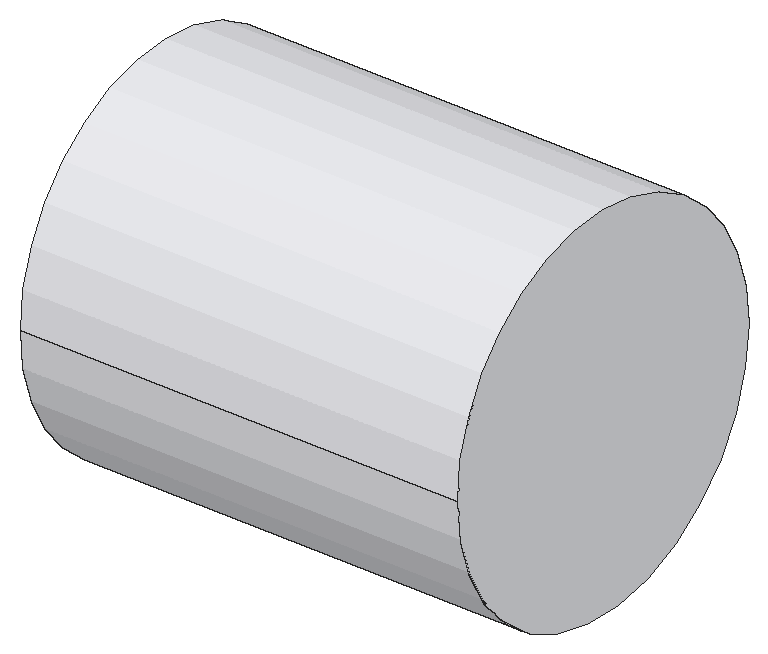
Revit family "PF_Соединение [фитинг полипропиленовый - муфта VTp.703.0]1 - VALTEC", category Соединительные детали трубопроводов, Revit 2019
Family settings
  Размер круглого соединителя = Использовать диаметр
  Тип детали = Соединение
  На основе рабочей плоскости = Нет
  Всегда вертикально = Да
  При загрузке вырезать с полостями = Нет
  Общий = Нет
Parameters (values of type "VTp.703.0")
  Таблица = "PF_Соединение [фитинг полипропиленовый - муфта VTp.703.0] - VALTEC"  # constant formula
  built-in parameter 1114238 [instance] = (empty or 0)
  Manufacturer = ""
  dn [instance] = size_lookup(Таблица, "dn", 0 mm, d)  # 26.8 mm
  dt [instance] = size_lookup(Таблица, "dt", 0 mm, d)  # 3.4 mm
  d [instance] = 20 mm
  URL = "https://valtec.ru/"
  B [instance] = size_lookup(Таблица, "B", 0 mm, d)  # 15 mm
  ADSK_Примечание [instance] = ""
  ADSK_Позиция [instance] = ""
  ADSK_Обозначение [instance] = "VTp.703.0"  # constant formula
  ADSK_Наименование [instance] = "Фитинг полипропиленовый - муфта равнопроходная"  # constant formula
  ADSK_Материал = Пластик белый - VALTEC
  ADSK_Масса [instance] = size_lookup(Таблица, "Масса", 0, d)  # 0.011
  ADSK_Марка [instance] = size_lookup(Таблица, "Маркировка", "Данный типоразмер отсутствует", d)  # "20"
  ADSK_Код изделия [instance] = size_lookup(Таблица, "Код продукта", "Данный типоразмер отсутствует", d)  # "VTp.703.0.020"
  ADSK_Завод-изготовитель [instance] = "VALTEC"  # constant formula
  ADSK_Единица измерения [instance] = "шт."  # constant formula
  ADSK_URL страницы изделия = "https://valtec.ru/catalog/sistemy_polipropilenovyh_truboprovodov/polipropilenovye_fitingi/fiting_polipropilenovyj_mufta_vtp7030.html"
  ADSK_URL документации изделия = "https://valtec.ru/document/technical/VTp.700-fitingi-0419.pdf"
  A [instance] = size_lookup(Таблица, "A", 0 mm, d)  # 32.2 mm
Reference planes
  plane 1 "По центру (Вперед/Назад)": y = 0
  plane 2: z = 0
  plane 3 "По центру (Влево/Вправо)": x = 0
  plane 4: x = -16.1
  plane 5: x = 16.1
  plane 6: y = 13.4
  plane 7: y = -13.4
Forms (mm)
  Extrusion 1, solid, material "Пластик белый - VALTEC" <- "ADSK_Материал", detail levels medium+fine
    sketch origin (0, 0, 0) x (0, 1, 0) y (0, 0, 1)
      loop
        circle (0, 0) r 13.4
    from -16.1 to 16.1
Lines and regions (mm)
  model lines, detail levels coarse
    curve 1: line (-16.1, 0, 0) -> (16.1, 0, 0)
    curve 2: line (0, -13.4, 0) -> (0, 13.4, 0)
Dimensions and locks
  equal spacing: plane 4, plane 3 "По центру (Влево/Вправо)", plane 5
  "A": plane 4 to plane 5
  equal spacing: plane 7, plane 1 "По центру (Вперед/Назад)", plane 6
  "dn": plane 7 to plane 6
  "dn": diameter of Extrusion 1 sketch curve
  aligned and locked: level to plane 2
  aligned and locked: level to Extrusion 1 sketch curve
  aligned and locked: plane 1 "По центру (Вперед/Назад)" to Extrusion 1 sketch curve
  aligned and locked: Extrusion 1 to plane 4
  aligned and locked: Extrusion 1 to plane 5
  aligned and locked: plane 4 to curve 1
  aligned and locked: plane 5 to curve 1
  aligned and locked: plane 1 "По центру (Вперед/Назад)" to curve 1
  aligned and locked: plane 6 to curve 2
  aligned and locked: plane 7 to curve 2
  aligned and locked: plane 3 "По центру (Влево/Вправо)" to curve 2
Connectors
  piping at (-16.1, 0, 0), diameter 20, driven by "d"
    settings: on Extrusion 1, index 1, connector inside diameter 609.6 mm, connector length 0 mm, flow factor 0, pipe flow 0.0 L/s, pressure drop 0.0 Pa, fitting loss kfactor 0, connector angle 0.00°, fixture units 0, engagement length 0 mm, angle of deflection 0.00°, flow configuration 0, flow direction 0, fitting loss method 0, system type 28, joint type 0, gender type 0, connector reference index 2, connector utility 0, adjustable connector no, is connector primary yes, connector description ""
  piping at (16.1, 0, 0), diameter 20, driven by "d"
    settings: on Extrusion 1, index 2, connector inside diameter 609.6 mm, connector length 0 mm, flow factor 0, pipe flow 0.0 L/s, pressure drop 0.0 Pa, fitting loss kfactor 0, connector angle 0.00°, fixture units 0, engagement length 0 mm, angle of deflection 0.00°, flow configuration 0, flow direction 0, fitting loss method 0, system type 28, joint type 0, gender type 0, connector reference index 1, connector utility 0, adjustable connector no, is connector primary no, connector description ""
